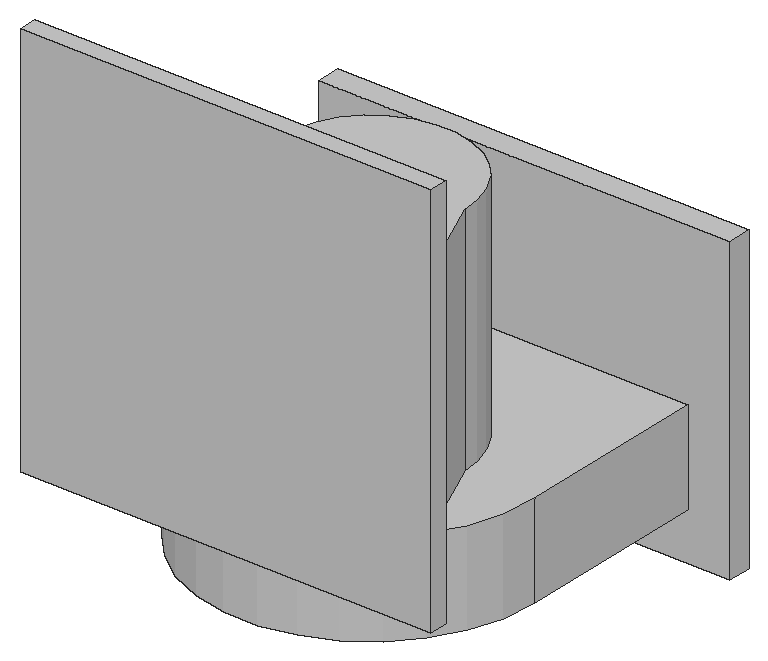
Revit family "TemID_Кронштейн настенный для биометрических терминалов_Rots-03 Stand", category Охранная сигнализация, Revit 2020
Family settings
  Сохранять ориентацию аннотаций = Нет
  Размер круглого соединителя = Использовать диаметр
  Тип детали = Нормальный
  На основе рабочей плоскости = Нет
  Всегда вертикально = Нет
  При загрузке вырезать с полостями = Нет
  Общий = Да
  Точка расчета площади = Да
Parameters (values of type "KJZ-03")
  УГО_Смещение_Y [instance] = 0 mm
  УГО_Смещение_X [instance] = 0 mm
  УГО_Разворот [instance] = 1 = 0  # no
  УГО_В_Смещение_Y [instance] = УГО_Смещение_Y + 250 mm  # 250 mm
  УГО_В_Смещение_X [instance] = 0 mm
  УГО_В_Развернуто [instance] = if(and(УГО, УГО_Разворот), 1 = 1, 1 = 0)  # no
  УГО [instance] = 1 = 0  # no
  Отметка по умолчанию = 0 mm
  Материал = Серый
  Зона обслуживания_Отступ от прибора = 50 mm
  УГО_Смещение_Вправо [instance] = if(УГО_В_Смещение_X > 0 mm, УГО_В_Смещение_X, if(УГО_В_Смещение_X < 0 mm, 0 mm, 0 mm))  # 0 mm
  УГО_Смещение_Влево [instance] = if(УГО_В_Смещение_X > 0 mm, 0 mm, if(УГО_В_Смещение_X < 0 mm, -УГО_В_Смещение_X, 0 mm))  # 0 mm
  УГО_Смещение_Вниз [instance] = if(-УГО_В_Смещение_Y > 0 mm, 0 mm, if(-УГО_В_Смещение_Y < 0 mm, УГО_В_Смещение_Y, 0 mm))  # 250 mm
  УГО_Смещение_Вверх [instance] = if(-УГО_В_Смещение_Y > 0 mm, -УГО_В_Смещение_Y, if(-УГО_В_Смещение_Y < 0 mm, 0 mm, 0 mm))  # 0 mm
  УГО_В_Прямое [instance] = if(and(УГО, not(УГО_Разворот)), 1 = 1, 1 = 0)  # no
  УГО_Тип = УГО_СКУД_Панель_вызова_видеодомофона : нет
  Зона обслуживания_Ширина [instance] = if(Зона обслуживания, ADSK_Размер_Ширина + Зона обслуживания_Отступ от прибора * 2, 1 mm)  # 188 mm
  Зона обслуживания_Глубина [instance] = if(Зона обслуживания, ADSK_Размер_Глубина + Зона обслуживания_Отступ от прибора * 2, 1 mm)  # 181 mm
  Зона обслуживания_Высота [instance] = if(Зона обслуживания, ADSK_Размер_Высота + Зона обслуживания_Отступ от прибора, 1 mm)  # 160 mm
  Зона обслуживания [instance] = yes
  URL = "https://temid-global.ru/catalog/kontrol-dostupa/aksessuary-skud/rots-03-stand"
  ADSK_Этаж [instance] = ""
  ADSK_Тип = "KJZ-03"
  ADSK_Система_Тип = ""
  ADSK_Размер_Ширина = 88 mm
  ADSK_Размер_Смещение от уровня [instance] = 0 mm
  ADSK_Размер_Глубина = 81 mm
  ADSK_Размер_Высота = 110 mm
  ADSK_Раздел спецификации = "3. Периферийное оборудование"
  ADSK_Принадлежность к разделу [instance] = ""
  ADSK_Обозначение = ""
  ADSK_Номер корпуса [instance] = ""
  ADSK_Наименование = "Кронштейн крепления на турникет  для FaceDepot-7A/FaceDepot-7B/SpeedFace-V5\n FaceDepot-7BL/SpeedFaceV5L/ProFace X\nFaceDepot-7BL[TD]/SpeedFace-V5L[TD].  80*38*370 мм"
  ADSK_Масса_Текст = ""
  ADSK_Марка = ADSK_Тип  # "KJZ-03"
  ADSK_Количество = 1  # constant formula
  ADSK_Код изделия = ""
  ADSK_Завод-изготовитель = "TEMID"  # constant formula
  ADSK_Единица измерения = "шт."  # constant formula
  =УГО= [instance] = "=УГО="  # constant formula
  =Зона обслуживания= [instance] = "=Зона обслуживания="  # constant formula
  =Габариты= = "=Габариты="  # constant formula
Reference planes
  plane 1 "По центру (Вперед/Назад)": y = 0
  plane 2: z = 0
  plane 3 "По центру (Влево/Вправо)": x = 0
  plane 4 "Смещение от уровня": z = 0
  plane 5 "Сдвиг УГО слева Х": x = 0
  plane 6 "УГО сдвиг справа Х": x = 0
  plane 7: y = -250
  plane 8: y = 0
  plane 9: x = -2141.414
  plane 10: y = -1110.511
  plane 11 "Геометрия низ": y = -81
  plane 12 "Геометрия слева": x = -44
  plane 13 "Геометрия право": x = 44
  plane 14 "Геометрия вверх основание": z = 55
  plane 15 "ЗО низ": y = -181
  plane 16: x = 0
  plane 17: y = -250
  plane 18 "Геометрия низ основание": z = -55
Forms (mm)
  Extrusion 1, solid, material "Серый" <- "Материал", detail levels medium+fine
    sketch origin (0, 0, 0) x (1, 0, 0) y (0, 0, 1)
      loop
        line (-44, -55) -> (44, -55) -> (44, 10) -> (-44, 10) -> (-44, -55)
    from 0 to 5
  Extrusion 2, solid, material "Серый" <- "Материал", detail levels medium+fine
    sketch origin (0, 0, 0) x (1, 0, 0) y (0, 1, 0)
      loop
        line (-35.037, -5) -> (-35.037, -46)
        arc (-35.037, -46) -> (0, -81.037) -> (35.037, -46) r 35.037
        line (35.037, -46) -> (35.037, -5) -> (-35.037, -5)
    from -44.549 to -24.405
  Extrusion 3, solid, material "Серый", detail levels medium+fine
    sketch origin (0, 0, -24.405) x (1, 0, 0) y (0, 1, 0)
      loop
        line (-20, -46) -> (-35.037, -81) -> (35.037, -81) -> (20, -46)
        arc (20, -46) -> (0, -26) -> (-20, -46) r 20
    from 0 to 50
  Extrusion 4, solid, material "Серый" <- "Материал", detail levels medium+fine
    sketch origin (-35.037, -81, -24.405) x (1, 0, 0) y (0, 0, 1)
      loop
        line (-8.963, 79.405) -> (-8.963, -5.595) -> (79.037, -5.595) -> (79.037, 79.405) -> (-8.963, 79.405)
    from 0 to 4
Dimensions and locks
  "ADSK_Размер_Смещение от уровня": plane 2 to plane 4 "Смещение от уровня"
  "УГО_Смещение_Влево": plane 5 "Сдвиг УГО слева Х" to plane 3 "По центру (Влево/Вправо)"
  "УГО_Смещение_Вправо": plane 5 "Сдвиг УГО слева Х" to plane 6 "УГО сдвиг справа Х"
  "УГО_Смещение_Вниз": plane 8 to plane 7
  "УГО_Смещение_Вверх": plane 1 "По центру (Вперед/Назад)" to plane 8
  equal spacing: plane 12 "Геометрия слева", plane 3 "По центру (Влево/Вправо)", plane 13 "Геометрия право"
  "ADSK_Размер_Ширина": plane 12 "Геометрия слева" to plane 13 "Геометрия право"
  "Зона обслуживания_Глубина": plane 1 "По центру (Вперед/Назад)" to plane 15 "ЗО низ"
  "ADSK_Размер_Глубина": plane 11 "Геометрия низ" to plane 1 "По центру (Вперед/Назад)"
  plane 14 "Геометрия вверх основание" to plane 18 "Геометрия низ основание" = 110 mm
  "ADSK_Размер_Высота": plane 14 "Геометрия вверх основание" to plane 18 "Геометрия низ основание"
  locked: Extrusion 1 sketch curve to plane 18 "Геометрия низ основание" at 65
  equal spacing: Extrusion 2 sketch curve, plane 3 "По центру (Влево/Вправо)", Extrusion 2 sketch curve
  locked: Extrusion 2 sketch curve to Extrusion 2 sketch curve at 70.075
  locked: Extrusion 1 to plane 1 "По центру (Вперед/Назад)" at 5
  locked: Extrusion 2 to plane 18 "Геометрия низ основание" at 10.451
  locked: Extrusion 2 to Extrusion 2 at 20.144
  equal spacing: plane 14 "Геометрия вверх основание", plane 4 "Смещение от уровня", plane 18 "Геометрия низ основание"
  locked: Extrusion 4 sketch curve to plane 18 "Геометрия низ основание" at 25
  radius of Extrusion 2 sketch curve = 35.037 mm
  aligned and locked: level to plane 2
  aligned and locked: plane 16 to plane 6 "УГО сдвиг справа Х"
  aligned and locked: plane 7 to plane 17
  aligned and locked: plane 18 "Геометрия низ основание" to Extrusion 1 sketch curve
  aligned and locked: Extrusion 1 sketch curve to plane 12 "Геометрия слева"
  aligned and locked: plane 13 "Геометрия право" to Extrusion 1 sketch curve
  aligned and locked: plane 12 "Геометрия слева" to Extrusion 4 sketch curve
  aligned and locked: Extrusion 4 sketch curve to plane 13 "Геометрия право"
  aligned and locked: Extrusion 4 sketch curve to plane 14 "Геометрия вверх основание"
Automatic sketch dimensions
  Extrusion 1 sketch curve to plane 13 "Геометрия право" = 0 mm
  plane 11 "Геометрия низ" to Extrusion 2 sketch curve = 35 mm
  plane 1 "По центру (Вперед/Назад)" to Extrusion 2 sketch curve = 5 mm
  Extrusion 3 sketch curve to Extrusion 2 = 0 mm  (x2)
  Extrusion 3 sketch curve to Extrusion 3 sketch curve = 35 mm
  radius of Extrusion 3 sketch curve to Extrusion 2 = 15.037 mm
Nested families
  nested 1: "УГО_СКУД_Панель_вызова_видеодомофона" at (-2141.414, -1110.511, 0), type <- "УГО_Тип", visible <- "УГО_В_Прямое", type "нет", not visible, detail levels coarse+medium
  nested 2: "УГО_СКУД_Панель_вызова_видеодомофона" at (-2141.414, -1110.511, 0) x (-1, 0, 0) z (0, 0, 1), type <- "УГО_Тип", visible <- "УГО_В_Развернуто", type "нет", not visible, detail levels coarse+medium
  nested 3: "УГО_СКУД_Панель_вызова_видеодомофона" at (0, -250, 0), type <- "УГО_Тип", visible <- "УГО_В_Прямое", type "нет", detail levels coarse+medium
  nested 4: "УГО_СКУД_Панель_вызова_видеодомофона" at (0, -250, 0) x (-1, 0, 0) z (0, 0, 1), type <- "УГО_Тип", visible <- "УГО_В_Развернуто", type "нет", detail levels coarse+medium
Definition of nested family "УГО_СКУД_Панель_вызова_видеодомофона"
  Reference planes
    plane 1: y = 0
    plane 2: x = 0
